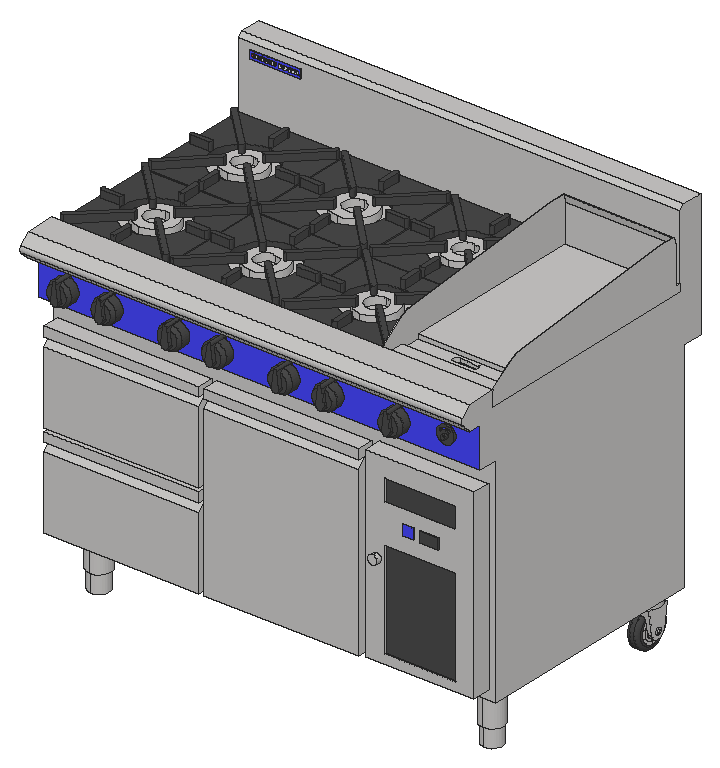
Revit family "QF_MOFFAT_BLUESEAL_CE_G518C-RB", category Specialty Equipment, Revit 2012 (continued)
Definition of nested family "WALDORF LOGO_FACE BASE"
  Forms (mm)
    Extrusion 3, solid, material "QF_Finishes_White", visible <- "Show Logo"
      sketch origin (0, -33.217, 1.588) x (1, 0, 0) y (0, 1, 0)
        loop
          arc (113.363, 23.389) -> (112.897, 23.196) -> (112.704, 22.73) r 0.658
          line (112.704, 22.73) -> (112.704, 21.258)
        loop
          line (105.071, 25.919) -> (93.771, 25.919) -> (93.771, 17.163) -> (105.071, 17.163) -> (105.071, 19.063) -> (99.535, 19.063) -> (99.535, 20.437) -> (105.071, 20.437) -> (105.071, 22.278) -> (99.535, 22.278) -> (99.535, 23.587) -> (105.071, 23.587) -> (105.071, 25.919)
        loop
          line (91.104, 25.919) -> (79.541, 25.919)
          arc (79.541, 25.919) -> (78.558, 25.513) -> (78.152, 24.53) r 1.389
          line (78.152, 24.53) -> (78.152, 22.08)
          arc (78.152, 22.08) -> (78.558, 21.098) -> (79.541, 20.691) r 1.389
          line (79.541, 20.691) -> (86.346, 20.691) -> (86.346, 18.864) -> (83.266, 18.864) -> (83.266, 19.664) -> (78.152, 19.664) -> (78.152, 18.553)
          arc (78.152, 18.553) -> (78.558, 17.57) -> (79.541, 17.163) r 1.389
          line (79.541, 17.163) -> (91.063, 17.163)
          arc (91.063, 17.163) -> (92.045, 17.57) -> (92.452, 18.553) r 1.389
          line (92.452, 18.553) -> (92.452, 20.691)
          arc (92.452, 20.691) -> (92.045, 21.673) -> (91.063, 22.08) r 1.389
          line (91.063, 22.08) -> (83.266, 22.08) -> (83.266, 23.984) -> (86.346, 23.984) -> (86.346, 22.743) -> (92.452, 22.743) -> (92.452, 24.571)
          arc (92.452, 24.571) -> (92.057, 25.524) -> (91.104, 25.919) r 1.348
        loop
          line (70.705, 25.919) -> (59.405, 25.919) -> (59.405, 17.163) -> (70.705, 17.163) -> (70.705, 19.063) -> (65.169, 19.063) -> (65.169, 20.437) -> (70.705, 20.437) -> (70.705, 22.278) -> (65.169, 22.278) -> (65.169, 23.587) -> (70.705, 23.587) -> (70.705, 25.919)
        loop
          line (57.598, 25.919) -> (51.7, 25.919) -> (51.7, 20.18)
          arc (51.7, 20.18) -> (50.63, 19.11) -> (49.56, 20.18) r 1.07
          line (49.56, 20.18) -> (49.56, 25.919) -> (43.663, 25.919) -> (43.663, 19.049)
          arc (43.663, 19.049) -> (44.215, 17.716) -> (45.548, 17.163) r 1.885
          line (45.548, 17.163) -> (55.71, 17.163)
          arc (55.71, 17.163) -> (57.045, 17.716) -> (57.598, 19.051) r 1.887
          line (57.598, 19.051) -> (57.598, 25.919)
        loop
          line (31.62, 25.919) -> (31.62, 17.163) -> (43.046, 17.163) -> (43.046, 19.129) -> (37.388, 19.129) -> (37.388, 25.919) -> (31.62, 25.919)
        loop
          line (15.969, 25.919) -> (15.969, 17.163) -> (28.693, 17.163)
          arc (28.693, 17.163) -> (29.812, 17.627) -> (30.276, 18.746) r 1.582
          line (30.276, 18.746) -> (30.276, 20.447) -> (29.48, 21.243) -> (30.276, 22.039) -> (30.276, 24.332)
          arc (30.276, 24.332) -> (29.811, 25.454) -> (28.688, 25.919) r 1.587
          line (28.688, 25.919) -> (15.969, 25.919)
        loop
          line (21.449, 24.159) -> (21.449, 22.436) -> (23.862, 22.436)
          arc (23.862, 22.436) -> (24.723, 23.298) -> (23.862, 24.159) r 0.861
          line (23.862, 24.159) -> (21.449, 24.159)
        loop
          line (21.449, 20.244) -> (21.449, 18.522) -> (23.862, 18.522)
          arc (23.862, 18.522) -> (24.723, 19.383) -> (23.862, 20.244) r 0.861
          line (23.862, 20.244) -> (21.449, 20.244)
      from 0 to 0.2
    Extrusion 4, solid, material "QF_Finishes_Blue", visible <- "Show Logo"
      sketch origin (-126.498, -31.09, 1.588) x (1, 0, 0) y (0, 1, 0)
        loop
          line (136.738, 23.522) -> (136.738, 15.1)
          arc (136.738, 15.1) -> (140.756, 19.311) -> (136.738, 23.522) r 4.216
      from 0 to 0.2
    Extrusion 5, solid, material "QF_Finishes_Red", visible <- "Show Logo"
      sketch origin (146.849, -31.09, 1.588) x (-1, 0, 0) y (0, -1, 0)
        loop
          arc (136.738, -23.522) -> (140.756, -19.311) -> (136.738, -15.1) r 4.216
          line (136.738, -15.1) -> (136.738, -23.522)
      from 0 to 0.2
  Lines and regions (mm)
    Split face 1
      outline origin (-90.35, -30.793, 1.588) x (1, 0, 0) y (0, 1, 0)
        loop
          circle (100.54, 19.013) r 4.536
  Dimensions and locks
    aligned and locked: plane 2 to Extrusion 1
    aligned and locked: level to Extrusion 1
Definition of nested family "GAS BURNER 900 & GRIDDLE 300"
  Parameters (values of type "GAS BURNER 900 & GRIDDLE 300")
    Width [instance] = 1200.0 mm
    Weight in Pounds = 0
    URL Cutsheet = ""
    Type Mark [instance] = ""
    Status [instance] = ""
    Specification by User [instance] = ""
    Specification by Manufacturer = ""
    Serial Number = ""
    Seismic Rating = ""
    SMACNA No = ""
    Revision Code [instance] = ""
    Omniclass Number and Title = ""
    NAFEM Spec ID Number = ""
    Masterspec = ""
    Item Number [instance] = ""
    Installed By [instance] = ""
    Identify Quantity as Lot [instance] = yes
    Furnished By [instance] = ""
    Foodservice Equipment Identifier [instance] = yes
    Depth [instance] = 635.0 mm
    CSI MasterFormat = ""
    CSI Master Format = ""
  Reference planes
    plane 1 "BACK": y = 0
    plane 2: z = 0
    plane 3 "LEFT": x = 0
    plane 4 "RIGHT": x = 1200
    plane 5 "FRONT": y = -635
    plane 6 "TOP": z = 142.5
    plane 7 "Center Y": x = 600
    plane 8 "Center X": y = -317.5
  Dimensions and locks
    equal spacing: plane 3 "LEFT", plane 7 "Center Y", plane 4 "RIGHT"
    "Width": plane 3 "LEFT" to plane 4 "RIGHT"
    equal spacing: plane 5 "FRONT", plane 8 "Center X", plane 1 "BACK"
    "Depth": plane 5 "FRONT" to plane 1 "BACK"
    aligned and locked: level to plane 2
  Nested families
    nested 1: "GAS BURNER 900" at (-1, 0, 0), type "GAS BURNER 900"
      with Width 900.0 mm, Type Mark "", Status "", Specification by User "", Revision Code "", Item Number "", Installed By "", Identify Quantity as Lot yes, Furnished By "", Foodservice Equipment Identifier yes, Depth 635.0 mm
    nested 2: "GAS GRIDDLE PLATE 600" at (900, -15, 0), type "GAS GRIDDLE PLATE 600"
      with Width 300.0 mm, Type Mark "", Status "", Specification by User "", Revision Code "", Item Number "", Installed By "", Identify Quantity as Lot yes, Furnished By "", Foodservice Equipment Identifier yes, Depth 620.0 mm
  Definition of nested family "GAS BURNER 900"
    Parameters (values of type "GAS BURNER 900")
      Width [instance] = 900.0 mm
      Weight in Pounds = 0
      URL Cutsheet = ""
      Type Mark [instance] = ""
      Status [instance] = ""
      Specification by User [instance] = ""
      Specification by Manufacturer = ""
      Serial Number = ""
      Seismic Rating = ""
      SMACNA No = ""
      Revision Code [instance] = ""
      Omniclass Number and Title = ""
      NAFEM Spec ID Number = ""
      Masterspec = ""
      Item Number [instance] = ""
      Installed By [instance] = ""
      Identify Quantity as Lot [instance] = yes
      Furnished By [instance] = ""
      Foodservice Equipment Identifier [instance] = yes
      Depth [instance] = 635.0 mm
      CSI MasterFormat = ""
      CSI Master Format = ""
    Reference planes
      plane 1 "BACK": y = 0
      plane 2: z = 0
      plane 3 "LEFT": x = 0
      plane 4 "RIGHT": x = 900
      plane 5 "FRONT": y = -635
      plane 6 "TOP": z = 142.5
      plane 7 "Center Y": x = 450
      plane 8 "Center X": y = -317.5
    Forms (mm)
      Extrusion 1, solid, material "QF_Finishes_Black"
        sketch origin (0, 0, 0) x (0, -1, 0) y (1, 0, 0)
          loop
            line (318.5, 4) -> (318.5, 296)
            arc (318.5, 296) -> (317.621, 298.121) -> (315.5, 299) r 3
            line (315.5, 299) -> (3, 299)
            arc (3, 299) -> (0.879, 298.121) -> (0, 296) r 3
            line (0, 296) -> (0, 4)
            arc (0, 4) -> (0.879, 1.879) -> (3, 1) r 3
            line (3, 1) -> (315.5, 1)
            arc (315.5, 1) -> (317.621, 1.879) -> (318.5, 4) r 3
          loop
            line (324.5, 1) -> (632, 1)
            arc (632, 1) -> (634.121, 1.879) -> (635, 4) r 3
            line (635, 4) -> (635, 296)
            arc (635, 296) -> (634.121, 298.121) -> (632, 299) r 3
            line (632, 299) -> (324.5, 299)
            arc (324.5, 299) -> (322.379, 298.121) -> (321.5, 296) r 3
            line (321.5, 296) -> (321.5, 4)
            arc (321.5, 4) -> (322.379, 1.879) -> (324.5, 1) r 3
          loop
            circle (168.5, 149.991) r 84.082
          loop
            circle (468.5, 149.991) r 84.082
        from 0 to 19.5
      Extrusion 2, solid, material "QF_Finishes_Black"
        sketch origin (0, 0, 19.5) x (0, -1, 0) y (1, 0, 0)
          loop
            spline (326.102, 15.153) -> (325.181, 13.924) -> (324.631, 12.47) -> (324.49, 10.89) -> (324.767, 9.292) -> (325.443, 7.786) -> (326.473, 6.473) -> (327.786, 5.443) -> (329.292, 4.767) -> (330.89, 4.49) -> (332.47, 4.631) -> (333.924, 5.181) -> (335.153, 6.102)
            line (335.153, 6.102) -> (443.076, 114.025)
            spline (443.076, 114.025) -> (443.837, 115.095) -> (444.238, 116.399) -> (444.251, 117.851) -> (443.875, 119.35) -> (443.137, 120.795) -> (442.086, 122.086) -> (440.795, 123.137) -> (439.35, 123.875) -> (437.851, 124.251) -> (436.399, 124.238) -> (435.095, 123.837) -> (434.025, 123.076)
            line (434.025, 123.076) -> (326.102, 15.153)
          loop
            spline (328.898, 156.4) -> (327.604, 156.182) -> (326.398, 155.543) -> (325.362, 154.525) -> (324.568, 153.2) -> (324.068, 151.656) -> (323.898, 150) -> (324.068, 148.344) -> (324.568, 146.8) -> (325.362, 145.475) -> (326.398, 144.457) -> (327.604, 143.818) -> (328.898, 143.6)
            line (328.898, 143.6) -> (378.102, 143.6)
            spline (378.102, 143.6) -> (379.396, 143.818) -> (380.602, 144.457) -> (381.638, 145.475) -> (382.432, 146.8) -> (382.932, 148.344) -> (383.102, 150) -> (382.932, 151.656) -> (382.432, 153.2) -> (381.638, 154.525) -> (380.602, 155.543) -> (379.396, 156.182) -> (378.102, 156.4)
            line (378.102, 156.4) -> (328.898, 156.4)
          loop
            spline (335.153, 293.898) -> (334.084, 294.659) -> (332.779, 295.059) -> (331.328, 295.072) -> (329.829, 294.697) -> (328.384, 293.959) -> (327.092, 292.908) -> (326.041, 291.616) -> (325.303, 290.171) -> (324.928, 288.672) -> (324.941, 287.221) -> (325.341, 285.916) -> (326.102, 284.847)
            line (326.102, 284.847) -> (434.025, 176.924)
            spline (434.025, 176.924) -> (435.095, 176.163) -> (436.399, 175.762) -> (437.851, 175.749) -> (439.35, 176.125) -> (440.795, 176.863) -> (442.086, 177.914) -> (443.137, 179.205) -> (443.875, 180.65) -> (444.251, 182.149) -> (444.238, 183.601) -> (443.837, 184.905) -> (443.076, 185.975)
            line (443.076, 185.975) -> (335.153, 293.898)
          loop
            line (463.6, 291.102) -> (463.6, 241.898)
            spline (463.6, 241.898) -> (463.818, 240.604) -> (464.457, 239.398) -> (465.475, 238.362) -> (466.8, 237.568) -> (468.344, 237.068) -> (470, 236.898) -> (471.656, 237.068) -> (473.2, 237.568) -> (474.525, 238.362) -> (475.543, 239.398) -> (476.182, 240.604) -> (476.4, 241.898)
            line (476.4, 241.898) -> (476.4, 291.102)
            spline (476.4, 291.102) -> (476.182, 292.396) -> (475.543, 293.602) -> (474.525, 294.638) -> (473.2, 295.432) -> (471.656, 295.932) -> (470, 296.102) -> (468.344, 295.932) -> (466.8, 295.432) -> (465.475, 294.638) -> (464.457, 293.602) -> (463.818, 292.396) -> (463.6, 291.102)
          loop
            spline (612.398, 284.847) -> (613.159, 285.916) -> (613.559, 287.221) -> (613.572, 288.672) -> (613.197, 290.171) -> (612.459, 291.616) -> (611.408, 292.908) -> (610.116, 293.959) -> (608.671, 294.697) -> (607.172, 295.072) -> (605.721, 295.059) -> (604.416, 294.659) -> (603.347, 293.898)
            line (603.347, 293.898) -> (496.924, 185.975)
            spline (496.924, 185.975) -> (496.163, 184.905) -> (495.762, 183.601) -> (495.749, 182.149) -> (496.125, 180.65) -> (496.863, 179.205) -> (497.914, 177.914) -> (499.205, 176.863) -> (500.65, 176.125) -> (502.149, 175.749) -> (503.601, 175.762) -> (504.905, 176.163) -> (505.975, 176.924)
            line (505.975, 176.924) -> (612.398, 284.847)
          loop
            spline (609.602, 143.6) -> (610.896, 143.818) -> (612.102, 144.457) -> (613.138, 145.475) -> (613.932, 146.8) -> (614.432, 148.344) -> (614.602, 150) -> (614.432, 151.656) -> (613.932, 153.2) -> (613.138, 154.525) -> (612.102, 155.543) -> (610.896, 156.182) -> (609.602, 156.4)
            line (609.602, 156.4) -> (561.898, 156.4)
            spline (561.898, 156.4) -> (560.604, 156.182) -> (559.398, 155.543) -> (558.362, 154.525) -> (557.568, 153.2) -> (557.068, 151.656) -> (556.898, 150) -> (557.068, 148.344) -> (557.568, 146.8) -> (558.362, 145.475) -> (559.398, 144.457) -> (560.604, 143.818) -> (561.898, 143.6)
            line (561.898, 143.6) -> (609.602, 143.6)
          loop
            line (612.398, 15.153) -> (505.975, 123.076)
            spline (505.975, 123.076) -> (504.905, 123.837) -> (503.601, 124.238) -> (502.149, 124.251) -> (500.65, 123.875) -> (499.205, 123.137) -> (497.914, 122.086) -> (496.863, 120.795) -> (496.125, 119.35) -> (495.749, 117.851) -> (495.762, 116.399) -> (496.163, 115.095) -> (496.924, 114.025)
            line (496.924, 114.025) -> (603.347, 6.102)
            spline (603.347, 6.102) -> (604.416, 5.341) -> (605.721, 4.941) -> (607.172, 4.928) -> (608.671, 5.303) -> (610.116, 6.041) -> (611.408, 7.092) -> (612.459, 8.384) -> (613.197, 9.829) -> (613.572, 11.328) -> (613.559, 12.779) -> (613.159, 14.084) -> (612.398, 15.153)
          loop
            line (476.4, 8.898) -> (476.4, 58.102)
            spline (476.4, 58.102) -> (476.182, 59.396) -> (475.543, 60.602) -> (474.525, 61.638) -> (473.2, 62.432) -> (471.656, 62.932) -> (470, 63.102) -> (468.344, 62.932) -> (466.8, 62.432) -> (465.475, 61.638) -> (464.457, 60.602) -> (463.818, 59.396) -> (463.6, 58.102)
            line (463.6, 58.102) -> (463.6, 8.898)
            spline (463.6, 8.898) -> (463.818, 7.604) -> (464.457, 6.398) -> (465.475, 5.362) -> (466.8, 4.568) -> (468.344, 4.068) -> (470, 3.898) -> (471.656, 4.068) -> (473.2, 4.568) -> (474.525, 5.362) -> (475.543, 6.398) -> (476.182, 7.604) -> (476.4, 8.898)
          loop
            spline (22.602, 15.153) -> (21.681, 13.924) -> (21.131, 12.47) -> (20.99, 10.89) -> (21.267, 9.292) -> (21.943, 7.786) -> (22.973, 6.473) -> (24.286, 5.443) -> (25.792, 4.767) -> (27.39, 4.49) -> (28.97, 4.631) -> (30.424, 5.181) -> (31.653, 6.102)
            line (31.653, 6.102) -> (139.576, 114.025)
            spline (139.576, 114.025) -> (140.337, 115.095) -> (140.738, 116.399) -> (140.751, 117.851) -> (140.375, 119.35) -> (139.637, 120.795) -> (138.586, 122.086) -> (137.295, 123.137) -> (135.85, 123.875) -> (134.351, 124.251) -> (132.899, 124.238) -> (131.595, 123.837) -> (130.525, 123.076)
            line (130.525, 123.076) -> (22.602, 15.153)
          loop
            spline (25.398, 156.4) -> (24.104, 156.182) -> (22.898, 155.543) -> (21.862, 154.525) -> (21.068, 153.2) -> (20.568, 151.656) -> (20.398, 150) -> (20.568, 148.344) -> (21.068, 146.8) -> (21.862, 145.475) -> (22.898, 144.457) -> (24.104, 143.818) -> (25.398, 143.6)
            line (25.398, 143.6) -> (74.602, 143.6)
            spline (74.602, 143.6) -> (75.896, 143.818) -> (77.102, 144.457) -> (78.138, 145.475) -> (78.932, 146.8) -> (79.432, 148.344) -> (79.602, 150) -> (79.432, 151.656) -> (78.932, 153.2) -> (78.138, 154.525) -> (77.102, 155.543) -> (75.896, 156.182) -> (74.602, 156.4)
            line (74.602, 156.4) -> (25.398, 156.4)
          loop
            spline (31.653, 293.898) -> (30.584, 294.659) -> (29.279, 295.059) -> (27.828, 295.072) -> (26.329, 294.697) -> (24.884, 293.959) -> (23.592, 292.908) -> (22.541, 291.616) -> (21.803, 290.171) -> (21.428, 288.672) -> (21.441, 287.221) -> (21.841, 285.916) -> (22.602, 284.847)
            line (22.602, 284.847) -> (130.525, 176.924)
            spline (130.525, 176.924) -> (131.595, 176.163) -> (132.899, 175.762) -> (134.351, 175.749) -> (135.85, 176.125) -> (137.295, 176.863) -> (138.586, 177.914) -> (139.637, 179.205) -> (140.375, 180.65) -> (140.751, 182.149) -> (140.738, 183.601) -> (140.337, 184.905) -> (139.576, 185.975)
            line (139.576, 185.975) -> (31.653, 293.898)
          loop
            line (160.1, 291.102) -> (160.1, 241.898)
            spline (160.1, 241.898) -> (160.318, 240.604) -> (160.957, 239.398) -> (161.975, 238.362) -> (163.3, 237.568) -> (164.844, 237.068) -> (166.5, 236.898) -> (168.156, 237.068) -> (169.7, 237.568) -> (171.025, 238.362) -> (172.043, 239.398) -> (172.682, 240.604) -> (172.9, 241.898)
            line (172.9, 241.898) -> (172.9, 291.102)
            spline (172.9, 291.102) -> (172.682, 292.396) -> (172.043, 293.602) -> (171.025, 294.638) -> (169.7, 295.432) -> (168.156, 295.932) -> (166.5, 296.102) -> (164.844, 295.932) -> (163.3, 295.432) -> (161.975, 294.638) -> (160.957, 293.602) -> (160.318, 292.396) -> (160.1, 291.102)
          loop
            spline (313.898, 284.847) -> (314.659, 285.916) -> (315.059, 287.221) -> (315.072, 288.672) -> (314.697, 290.171) -> (313.959, 291.616) -> (312.908, 292.908) -> (311.616, 293.959) -> (310.171, 294.697) -> (308.672, 295.072) -> (307.221, 295.059) -> (305.916, 294.659) -> (304.847, 293.898)
            line (304.847, 293.898) -> (193.424, 185.975)
            spline (193.424, 185.975) -> (192.663, 184.905) -> (192.262, 183.601) -> (192.249, 182.149) -> (192.625, 180.65) -> (193.363, 179.205) -> (194.414, 177.914) -> (195.705, 176.863) -> (197.15, 176.125) -> (198.649, 175.749) -> (200.101, 175.762) -> (201.405, 176.163) -> (202.475, 176.924)
            line (202.475, 176.924) -> (313.898, 284.847)
          loop
            spline (311.102, 143.6) -> (312.396, 143.818) -> (313.602, 144.457) -> (314.638, 145.475) -> (315.432, 146.8) -> (315.932, 148.344) -> (316.102, 150) -> (315.932, 151.656) -> (315.432, 153.2) -> (314.638, 154.525) -> (313.602, 155.543) -> (312.396, 156.182) -> (311.102, 156.4)
            line (311.102, 156.4) -> (261.898, 156.4)
            spline (261.898, 156.4) -> (260.604, 156.182) -> (259.398, 155.543) -> (258.362, 154.525) -> (257.568, 153.2) -> (257.068, 151.656) -> (256.898, 150) -> (257.068, 148.344) -> (257.568, 146.8) -> (258.362, 145.475) -> (259.398, 144.457) -> (260.604, 143.818) -> (261.898, 143.6)
            line (261.898, 143.6) -> (311.102, 143.6)
          loop
            line (313.898, 15.153) -> (202.475, 123.076)
            spline (202.475, 123.076) -> (201.405, 123.837) -> (200.101, 124.238) -> (198.649, 124.251) -> (197.15, 123.875) -> (195.705, 123.137) -> (194.414, 122.086) -> (193.363, 120.795) -> (192.625, 119.35) -> (192.249, 117.851) -> (192.262, 116.399) -> (192.663, 115.095) -> (193.424, 114.025)
            line (193.424, 114.025) -> (304.847, 6.102)
            spline (304.847, 6.102) -> (305.916, 5.341) -> (307.221, 4.941) -> (308.672, 4.928) -> (310.171, 5.303) -> (311.616, 6.041) -> (312.908, 7.092) -> (313.959, 8.384) -> (314.697, 9.829) -> (315.072, 11.328) -> (315.059, 12.779) -> (314.659, 14.084) -> (313.898, 15.153)
          loop
            line (172.9, 8.898) -> (172.9, 58.102)
            spline (172.9, 58.102) -> (172.682, 59.396) -> (172.043, 60.602) -> (171.025, 61.638) -> (169.7, 62.432) -> (168.156, 62.932) -> (166.5, 63.102) -> (164.844, 62.932) -> (163.3, 62.432) -> (161.975, 61.638) -> (160.957, 60.602) -> (160.318, 59.396) -> (160.1, 58.102)
            line (160.1, 58.102) -> (160.1, 8.898)
            spline (160.1, 8.898) -> (160.318, 7.604) -> (160.957, 6.398) -> (161.975, 5.362) -> (163.3, 4.568) -> (164.844, 4.068) -> (166.5, 3.898) -> (168.156, 4.068) -> (169.7, 4.568) -> (171.025, 5.362) -> (172.043, 6.398) -> (172.682, 7.604) -> (172.9, 8.898)
        from 0 to 20.5
      Extrusion 3, solid, material "QF_Finishes_Stainless Steel"
        sketch origin (0, -15.098, 0) x (0, -1, 0) y (1, 0, 0)
          loop
            circle (151.402, 150) r 57
          loop
            circle (451.402, 150) r 57
          loop
            circle (151.402, 150) r 30
          loop
            circle (451.402, 150) r 30
        from 0 to 20
      Extrusion 4, solid, material "QF_Finishes_Black"
        sketch origin (600, 0, 0) x (0, -1, 0) y (1, 0, 0)
          loop
            arc (318.5, -4) -> (317.621, -1.879) -> (315.5, -1) r 3
            line (315.5, -1) -> (3, -1)
            arc (3, -1) -> (0.879, -1.879) -> (0, -4) r 3
            line (0, -4) -> (0, -296)
            arc (0, -296) -> (0.879, -298.121) -> (3, -299) r 3
            line (3, -299) -> (315.5, -299)
            arc (315.5, -299) -> (317.621, -298.121) -> (318.5, -296) r 3
            line (318.5, -296) -> (318.5, -4)
          loop
            arc (324.5, -1) -> (322.379, -1.879) -> (321.5, -4) r 3
            line (321.5, -4) -> (321.5, -296)
            arc (321.5, -296) -> (322.379, -298.121) -> (324.5, -299) r 3
            line (324.5, -299) -> (632, -299)
            arc (632, -299) -> (634.121, -298.121) -> (635, -296) r 3
            line (635, -296) -> (635, -4)
            arc (635, -4) -> (634.121, -1.879) -> (632, -1) r 3
            line (632, -1) -> (324.5, -1)
          loop
            circle (168.5, -149.991) r 84.082
          loop
            circle (468.5, -149.991) r 84.082
        from 0 to 19.5
      Extrusion 5, solid, material "QF_Finishes_Black"
        sketch origin (600, 0, 19.5) x (0, -1, 0) y (1, 0, 0)
          loop
            line (326.102, -15.153) -> (434.025, -123.076)
            spline (434.025, -123.076) -> (435.095, -123.837) -> (436.399, -124.238) -> (437.851, -124.251) -> (439.35, -123.875) -> (440.795, -123.137) -> (442.086, -122.086) -> (443.137, -120.795) -> (443.875, -119.35) -> (444.251, -117.851) -> (444.238, -116.399) -> (443.837, -115.095) -> (443.076, -114.025)
            line (443.076, -114.025) -> (335.153, -6.102)
            spline (335.153, -6.102) -> (333.924, -5.181) -> (332.47, -4.631) -> (330.89, -4.49) -> (329.292, -4.767) -> (327.786, -5.443) -> (326.473, -6.473) -> (325.443, -7.786) -> (324.767, -9.292) -> (324.49, -10.89) -> (324.631, -12.47) -> (325.181, -13.924) -> (326.102, -15.153)
          loop
            line (328.898, -156.4) -> (378.102, -156.4)
            spline (378.102, -156.4) -> (379.396, -156.182) -> (380.602, -155.543) -> (381.638, -154.525) -> (382.432, -153.2) -> (382.932, -151.656) -> (383.102, -150) -> (382.932, -148.344) -> (382.432, -146.8) -> (381.638, -145.475) -> (380.602, -144.457) -> (379.396, -143.818) -> (378.102, -143.6)
            line (378.102, -143.6) -> (328.898, -143.6)
            spline (328.898, -143.6) -> (327.604, -143.818) -> (326.398, -144.457) -> (325.362, -145.475) -> (324.568, -146.8) -> (324.068, -148.344) -> (323.898, -150) -> (324.068, -151.656) -> (324.568, -153.2) -> (325.362, -154.525) -> (326.398, -155.543) -> (327.604, -156.182) -> (328.898, -156.4)
          loop
            line (335.153, -293.898) -> (443.076, -185.975)
            spline (443.076, -185.975) -> (443.837, -184.905) -> (444.238, -183.601) -> (444.251, -182.149) -> (443.875, -180.65) -> (443.137, -179.205) -> (442.086, -177.914) -> (440.795, -176.863) -> (439.35, -176.125) -> (437.851, -175.749) -> (436.399, -175.762) -> (435.095, -176.163) -> (434.025, -176.924)
            line (434.025, -176.924) -> (326.102, -284.847)
            spline (326.102, -284.847) -> (325.341, -285.916) -> (324.941, -287.221) -> (324.928, -288.672) -> (325.303, -290.171) -> (326.041, -291.616) -> (327.092, -292.908) -> (328.384, -293.959) -> (329.829, -294.697) -> (331.328, -295.072) -> (332.779, -295.059) -> (334.084, -294.659) -> (335.153, -293.898)
          loop
            spline (463.6, -291.102) -> (463.818, -292.396) -> (464.457, -293.602) -> (465.475, -294.638) -> (466.8, -295.432) -> (468.344, -295.932) -> (470, -296.102) -> (471.656, -295.932) -> (473.2, -295.432) -> (474.525, -294.638) -> (475.543, -293.602) -> (476.182, -292.396) -> (476.4, -291.102)
            line (476.4, -291.102) -> (476.4, -241.898)
            spline (476.4, -241.898) -> (476.182, -240.604) -> (475.543, -239.398) -> (474.525, -238.362) -> (473.2, -237.568) -> (471.656, -237.068) -> (470, -236.898) -> (468.344, -237.068) -> (466.8, -237.568) -> (465.475, -238.362) -> (464.457, -239.398) -> (463.818, -240.604) -> (463.6, -241.898)
            line (463.6, -241.898) -> (463.6, -291.102)
          loop
            line (612.398, -284.847) -> (505.975, -176.924)
            spline (505.975, -176.924) -> (504.905, -176.163) -> (503.601, -175.762) -> (502.149, -175.749) -> (500.65, -176.125) -> (499.205, -176.863) -> (497.914, -177.914) -> (496.863, -179.205) -> (496.125, -180.65) -> (495.749, -182.149) -> (495.762, -183.601) -> (496.163, -184.905) -> (496.924, -185.975)
            line (496.924, -185.975) -> (603.347, -293.898)
            spline (603.347, -293.898) -> (604.416, -294.659) -> (605.721, -295.059) -> (607.172, -295.072) -> (608.671, -294.697) -> (610.116, -293.959) -> (611.408, -292.908) -> (612.459, -291.616) -> (613.197, -290.171) -> (613.572, -288.672) -> (613.559, -287.221) -> (613.159, -285.916) -> (612.398, -284.847)
          loop
            line (609.602, -143.6) -> (561.898, -143.6)
            spline (561.898, -143.6) -> (560.604, -143.818) -> (559.398, -144.457) -> (558.362, -145.475) -> (557.568, -146.8) -> (557.068, -148.344) -> (556.898, -150) -> (557.068, -151.656) -> (557.568, -153.2) -> (558.362, -154.525) -> (559.398, -155.543) -> (560.604, -156.182) -> (561.898, -156.4)
            line (561.898, -156.4) -> (609.602, -156.4)
            spline (609.602, -156.4) -> (610.896, -156.182) -> (612.102, -155.543) -> (613.138, -154.525) -> (613.932, -153.2) -> (614.432, -151.656) -> (614.602, -150) -> (614.432, -148.344) -> (613.932, -146.8) -> (613.138, -145.475) -> (612.102, -144.457) -> (610.896, -143.818) -> (609.602, -143.6)
          loop
            spline (612.398, -15.153) -> (613.159, -14.084) -> (613.559, -12.779) -> (613.572, -11.328) -> (613.197, -9.829) -> (612.459, -8.384) -> (611.408, -7.092) -> (610.116, -6.041) -> (608.671, -5.303) -> (607.172, -4.928) -> (605.721, -4.941) -> (604.416, -5.341) -> (603.347, -6.102)
            line (603.347, -6.102) -> (496.924, -114.025)
            spline (496.924, -114.025) -> (496.163, -115.095) -> (495.762, -116.399) -> (495.749, -117.851) -> (496.125, -119.35) -> (496.863, -120.795) -> (497.914, -122.086) -> (499.205, -123.137) -> (500.65, -123.875) -> (502.149, -124.251) -> (503.601, -124.238) -> (504.905, -123.837) -> (505.975, -123.076)
            line (505.975, -123.076) -> (612.398, -15.153)
          loop
            spline (476.4, -8.898) -> (476.182, -7.604) -> (475.543, -6.398) -> (474.525, -5.362) -> (473.2, -4.568) -> (471.656, -4.068) -> (470, -3.898) -> (468.344, -4.068) -> (466.8, -4.568) -> (465.475, -5.362) -> (464.457, -6.398) -> (463.818, -7.604) -> (463.6, -8.898)
            line (463.6, -8.898) -> (463.6, -58.102)
            spline (463.6, -58.102) -> (463.818, -59.396) -> (464.457, -60.602) -> (465.475, -61.638) -> (466.8, -62.432) -> (468.344, -62.932) -> (470, -63.102) -> (471.656, -62.932) -> (473.2, -62.432) -> (474.525, -61.638) -> (475.543, -60.602) -> (476.182, -59.396) -> (476.4, -58.102)
            line (476.4, -58.102) -> (476.4, -8.898)
          loop
            line (22.602, -15.153) -> (130.525, -123.076)
            spline (130.525, -123.076) -> (131.595, -123.837) -> (132.899, -124.238) -> (134.351, -124.251) -> (135.85, -123.875) -> (137.295, -123.137) -> (138.586, -122.086) -> (139.637, -120.795) -> (140.375, -119.35) -> (140.751, -117.851) -> (140.738, -116.399) -> (140.337, -115.095) -> (139.576, -114.025)
            line (139.576, -114.025) -> (31.653, -6.102)
            spline (31.653, -6.102) -> (30.424, -5.181) -> (28.97, -4.631) -> (27.39, -4.49) -> (25.792, -4.767) -> (24.286, -5.443) -> (22.973, -6.473) -> (21.943, -7.786) -> (21.267, -9.292) -> (20.99, -10.89) -> (21.131, -12.47) -> (21.681, -13.924) -> (22.602, -15.153)
          loop
            line (25.398, -156.4) -> (74.602, -156.4)
            spline (74.602, -156.4) -> (75.896, -156.182) -> (77.102, -155.543) -> (78.138, -154.525) -> (78.932, -153.2) -> (79.432, -151.656) -> (79.602, -150) -> (79.432, -148.344) -> (78.932, -146.8) -> (78.138, -145.475) -> (77.102, -144.457) -> (75.896, -143.818) -> (74.602, -143.6)
            line (74.602, -143.6) -> (25.398, -143.6)
            spline (25.398, -143.6) -> (24.104, -143.818) -> (22.898, -144.457) -> (21.862, -145.475) -> (21.068, -146.8) -> (20.568, -148.344) -> (20.398, -150) -> (20.568, -151.656) -> (21.068, -153.2) -> (21.862, -154.525) -> (22.898, -155.543) -> (24.104, -156.182) -> (25.398, -156.4)
          loop
            line (31.653, -293.898) -> (139.576, -185.975)
            spline (139.576, -185.975) -> (140.337, -184.905) -> (140.738, -183.601) -> (140.751, -182.149) -> (140.375, -180.65) -> (139.637, -179.205) -> (138.586, -177.914) -> (137.295, -176.863) -> (135.85, -176.125) -> (134.351, -175.749) -> (132.899, -175.762) -> (131.595, -176.163) -> (130.525, -176.924)
            line (130.525, -176.924) -> (22.602, -284.847)
            spline (22.602, -284.847) -> (21.841, -285.916) -> (21.441, -287.221) -> (21.428, -288.672) -> (21.803, -290.171) -> (22.541, -291.616) -> (23.592, -292.908) -> (24.884, -293.959) -> (26.329, -294.697) -> (27.828, -295.072) -> (29.279, -295.059) -> (30.584, -294.659) -> (31.653, -293.898)
          loop
            spline (160.1, -291.102) -> (160.318, -292.396) -> (160.957, -293.602) -> (161.975, -294.638) -> (163.3, -295.432) -> (164.844, -295.932) -> (166.5, -296.102) -> (168.156, -295.932) -> (169.7, -295.432) -> (171.025, -294.638) -> (172.043, -293.602) -> (172.682, -292.396) -> (172.9, -291.102)
            line (172.9, -291.102) -> (172.9, -241.898)
            spline (172.9, -241.898) -> (172.682, -240.604) -> (172.043, -239.398) -> (171.025, -238.362) -> (169.7, -237.568) -> (168.156, -237.068) -> (166.5, -236.898) -> (164.844, -237.068) -> (163.3, -237.568) -> (161.975, -238.362) -> (160.957, -239.398) -> (160.318, -240.604) -> (160.1, -241.898)
            line (160.1, -241.898) -> (160.1, -291.102)
          loop
            line (313.898, -284.847) -> (202.475, -176.924)
            spline (202.475, -176.924) -> (201.405, -176.163) -> (200.101, -175.762) -> (198.649, -175.749) -> (197.15, -176.125) -> (195.705, -176.863) -> (194.414, -177.914) -> (193.363, -179.205) -> (192.625, -180.65) -> (192.249, -182.149) -> (192.262, -183.601) -> (192.663, -184.905) -> (193.424, -185.975)
            line (193.424, -185.975) -> (304.847, -293.898)
            spline (304.847, -293.898) -> (305.916, -294.659) -> (307.221, -295.059) -> (308.672, -295.072) -> (310.171, -294.697) -> (311.616, -293.959) -> (312.908, -292.908) -> (313.959, -291.616) -> (314.697, -290.171) -> (315.072, -288.672) -> (315.059, -287.221) -> (314.659, -285.916) -> (313.898, -284.847)
          loop
            line (311.102, -143.6) -> (261.898, -143.6)
            spline (261.898, -143.6) -> (260.604, -143.818) -> (259.398, -144.457) -> (258.362, -145.475) -> (257.568, -146.8) -> (257.068, -148.344) -> (256.898, -150) -> (257.068, -151.656) -> (257.568, -153.2) -> (258.362, -154.525) -> (259.398, -155.543) -> (260.604, -156.182) -> (261.898, -156.4)
            line (261.898, -156.4) -> (311.102, -156.4)
            spline (311.102, -156.4) -> (312.396, -156.182) -> (313.602, -155.543) -> (314.638, -154.525) -> (315.432, -153.2) -> (315.932, -151.656) -> (316.102, -150) -> (315.932, -148.344) -> (315.432, -146.8) -> (314.638, -145.475) -> (313.602, -144.457) -> (312.396, -143.818) -> (311.102, -143.6)
          loop
            spline (313.898, -15.153) -> (314.659, -14.084) -> (315.059, -12.779) -> (315.072, -11.328) -> (314.697, -9.829) -> (313.959, -8.384) -> (312.908, -7.092) -> (311.616, -6.041) -> (310.171, -5.303) -> (308.672, -4.928) -> (307.221, -4.941) -> (305.916, -5.341) -> (304.847, -6.102)
            line (304.847, -6.102) -> (193.424, -114.025)
            spline (193.424, -114.025) -> (192.663, -115.095) -> (192.262, -116.399) -> (192.249, -117.851) -> (192.625, -119.35) -> (193.363, -120.795) -> (194.414, -122.086) -> (195.705, -123.137) -> (197.15, -123.875) -> (198.649, -124.251) -> (200.101, -124.238) -> (201.405, -123.837) -> (202.475, -123.076)
            line (202.475, -123.076) -> (313.898, -15.153)
          loop
            spline (172.9, -8.898) -> (172.682, -7.604) -> (172.043, -6.398) -> (171.025, -5.362) -> (169.7, -4.568) -> (168.156, -4.068) -> (166.5, -3.898) -> (164.844, -4.068) -> (163.3, -4.568) -> (161.975, -5.362) -> (160.957, -6.398) -> (160.318, -7.604) -> (160.1, -8.898)
            line (160.1, -8.898) -> (160.1, -58.102)
            spline (160.1, -58.102) -> (160.318, -59.396) -> (160.957, -60.602) -> (161.975, -61.638) -> (163.3, -62.432) -> (164.844, -62.932) -> (166.5, -63.102) -> (168.156, -62.932) -> (169.7, -62.432) -> (171.025, -61.638) -> (172.043, -60.602) -> (172.682, -59.396) -> (172.9, -58.102)
            line (172.9, -58.102) -> (172.9, -8.898)
        from 0 to 20.5
      Extrusion 6, solid, material "QF_Finishes_Stainless Steel"
        sketch origin (600, -15.098, 0) x (0, -1, 0) y (1, 0, 0)
          loop
            circle (151.402, -150) r 57
          loop
            circle (451.402, -150) r 57
          loop
            circle (151.402, -150) r 30
          loop
            circle (451.402, -150) r 30
        from 0 to 20
      Extrusion 7, solid, material "QF_Finishes_Black"
        sketch origin (901, 0, 19.5) x (0, -1, 0) y (1, 0, 0)
          loop
            line (326.102, -15.153) -> (434.025, -123.076)
            spline (434.025, -123.076) -> (435.095, -123.837) -> (436.399, -124.238) -> (437.851, -124.251) -> (439.35, -123.875) -> (440.795, -123.137) -> (442.086, -122.086) -> (443.137, -120.795) -> (443.875, -119.35) -> (444.251, -117.851) -> (444.238, -116.399) -> (443.837, -115.095) -> (443.076, -114.025)
            line (443.076, -114.025) -> (335.153, -6.102)
            spline (335.153, -6.102) -> (333.924, -5.181) -> (332.47, -4.631) -> (330.89, -4.49) -> (329.292, -4.767) -> (327.786, -5.443) -> (326.473, -6.473) -> (325.443, -7.786) -> (324.767, -9.292) -> (324.49, -10.89) -> (324.631, -12.47) -> (325.181, -13.924) -> (326.102, -15.153)
          loop
            line (328.898, -156.4) -> (378.102, -156.4)
            spline (378.102, -156.4) -> (379.396, -156.182) -> (380.602, -155.543) -> (381.638, -154.525) -> (382.432, -153.2) -> (382.932, -151.656) -> (383.102, -150) -> (382.932, -148.344) -> (382.432, -146.8) -> (381.638, -145.475) -> (380.602, -144.457) -> (379.396, -143.818) -> (378.102, -143.6)
            line (378.102, -143.6) -> (328.898, -143.6)
            spline (328.898, -143.6) -> (327.604, -143.818) -> (326.398, -144.457) -> (325.362, -145.475) -> (324.568, -146.8) -> (324.068, -148.344) -> (323.898, -150) -> (324.068, -151.656) -> (324.568, -153.2) -> (325.362, -154.525) -> (326.398, -155.543) -> (327.604, -156.182) -> (328.898, -156.4)
          loop
            line (335.153, -293.898) -> (443.076, -185.975)
            spline (443.076, -185.975) -> (443.837, -184.905) -> (444.238, -183.601) -> (444.251, -182.149) -> (443.875, -180.65) -> (443.137, -179.205) -> (442.086, -177.914) -> (440.795, -176.863) -> (439.35, -176.125) -> (437.851, -175.749) -> (436.399, -175.762) -> (435.095, -176.163) -> (434.025, -176.924)
            line (434.025, -176.924) -> (326.102, -284.847)
            spline (326.102, -284.847) -> (325.341, -285.916) -> (324.941, -287.221) -> (324.928, -288.672) -> (325.303, -290.171) -> (326.041, -291.616) -> (327.092, -292.908) -> (328.384, -293.959) -> (329.829, -294.697) -> (331.328, -295.072) -> (332.779, -295.059) -> (334.084, -294.659) -> (335.153, -293.898)
          loop
            spline (463.6, -291.102) -> (463.818, -292.396) -> (464.457, -293.602) -> (465.475, -294.638) -> (466.8, -295.432) -> (468.344, -295.932) -> (470, -296.102) -> (471.656, -295.932) -> (473.2, -295.432) -> (474.525, -294.638) -> (475.543, -293.602) -> (476.182, -292.396) -> (476.4, -291.102)
            line (476.4, -291.102) -> (476.4, -241.898)
            spline (476.4, -241.898) -> (476.182, -240.604) -> (475.543, -239.398) -> (474.525, -238.362) -> (473.2, -237.568) -> (471.656, -237.068) -> (470, -236.898) -> (468.344, -237.068) -> (466.8, -237.568) -> (465.475, -238.362) -> (464.457, -239.398) -> (463.818, -240.604) -> (463.6, -241.898)
            line (463.6, -241.898) -> (463.6, -291.102)
          loop
            line (612.398, -284.847) -> (505.975, -176.924)
            spline (505.975, -176.924) -> (504.905, -176.163) -> (503.601, -175.762) -> (502.149, -175.749) -> (500.65, -176.125) -> (499.205, -176.863) -> (497.914, -177.914) -> (496.863, -179.205) -> (496.125, -180.65) -> (495.749, -182.149) -> (495.762, -183.601) -> (496.163, -184.905) -> (496.924, -185.975)
            line (496.924, -185.975) -> (603.347, -293.898)
            spline (603.347, -293.898) -> (604.416, -294.659) -> (605.721, -295.059) -> (607.172, -295.072) -> (608.671, -294.697) -> (610.116, -293.959) -> (611.408, -292.908) -> (612.459, -291.616) -> (613.197, -290.171) -> (613.572, -288.672) -> (613.559, -287.221) -> (613.159, -285.916) -> (612.398, -284.847)
          loop
            line (609.602, -143.6) -> (561.898, -143.6)
            spline (561.898, -143.6) -> (560.604, -143.818) -> (559.398, -144.457) -> (558.362, -145.475) -> (557.568, -146.8) -> (557.068, -148.344) -> (556.898, -150) -> (557.068, -151.656) -> (557.568, -153.2) -> (558.362, -154.525) -> (559.398, -155.543) -> (560.604, -156.182) -> (561.898, -156.4)
            line (561.898, -156.4) -> (609.602, -156.4)
            spline (609.602, -156.4) -> (610.896, -156.182) -> (612.102, -155.543) -> (613.138, -154.525) -> (613.932, -153.2) -> (614.432, -151.656) -> (614.602, -150) -> (614.432, -148.344) -> (613.932, -146.8) -> (613.138, -145.475) -> (612.102, -144.457) -> (610.896, -143.818) -> (609.602, -143.6)
          loop
            spline (612.398, -15.153) -> (613.159, -14.084) -> (613.559, -12.779) -> (613.572, -11.328) -> (613.197, -9.829) -> (612.459, -8.384) -> (611.408, -7.092) -> (610.116, -6.041) -> (608.671, -5.303) -> (607.172, -4.928) -> (605.721, -4.941) -> (604.416, -5.341) -> (603.347, -6.102)
            line (603.347, -6.102) -> (496.924, -114.025)
            spline (496.924, -114.025) -> (496.163, -115.095) -> (495.762, -116.399) -> (495.749, -117.851) -> (496.125, -119.35) -> (496.863, -120.795) -> (497.914, -122.086) -> (499.205, -123.137) -> (500.65, -123.875) -> (502.149, -124.251) -> (503.601, -124.238) -> (504.905, -123.837) -> (505.975, -123.076)
            line (505.975, -123.076) -> (612.398, -15.153)
          loop
            spline (476.4, -8.898) -> (476.182, -7.604) -> (475.543, -6.398) -> (474.525, -5.362) -> (473.2, -4.568) -> (471.656, -4.068) -> (470, -3.898) -> (468.344, -4.068) -> (466.8, -4.568) -> (465.475, -5.362) -> (464.457, -6.398) -> (463.818, -7.604) -> (463.6, -8.898)
            line (463.6, -8.898) -> (463.6, -58.102)
            spline (463.6, -58.102) -> (463.818, -59.396) -> (464.457, -60.602) -> (465.475, -61.638) -> (466.8, -62.432) -> (468.344, -62.932) -> (470, -63.102) -> (471.656, -62.932) -> (473.2, -62.432) -> (474.525, -61.638) -> (475.543, -60.602) -> (476.182, -59.396) -> (476.4, -58.102)
            line (476.4, -58.102) -> (476.4, -8.898)
          loop
            line (22.602, -15.153) -> (130.525, -123.076)
            spline (130.525, -123.076) -> (131.595, -123.837) -> (132.899, -124.238) -> (134.351, -124.251) -> (135.85, -123.875) -> (137.295, -123.137) -> (138.586, -122.086) -> (139.637, -120.795) -> (140.375, -119.35) -> (140.751, -117.851) -> (140.738, -116.399) -> (140.337, -115.095) -> (139.576, -114.025)
            line (139.576, -114.025) -> (31.653, -6.102)
            spline (31.653, -6.102) -> (30.424, -5.181) -> (28.97, -4.631) -> (27.39, -4.49) -> (25.792, -4.767) -> (24.286, -5.443) -> (22.973, -6.473) -> (21.943, -7.786) -> (21.267, -9.292) -> (20.99, -10.89) -> (21.131, -12.47) -> (21.681, -13.924) -> (22.602, -15.153)
          loop
            line (25.398, -156.4) -> (74.602, -156.4)
            spline (74.602, -156.4) -> (75.896, -156.182) -> (77.102, -155.543) -> (78.138, -154.525) -> (78.932, -153.2) -> (79.432, -151.656) -> (79.602, -150) -> (79.432, -148.344) -> (78.932, -146.8) -> (78.138, -145.475) -> (77.102, -144.457) -> (75.896, -143.818) -> (74.602, -143.6)
            line (74.602, -143.6) -> (25.398, -143.6)
            spline (25.398, -143.6) -> (24.104, -143.818) -> (22.898, -144.457) -> (21.862, -145.475) -> (21.068, -146.8) -> (20.568, -148.344) -> (20.398, -150) -> (20.568, -151.656) -> (21.068, -153.2) -> (21.862, -154.525) -> (22.898, -155.543) -> (24.104, -156.182) -> (25.398, -156.4)
          loop
            line (31.653, -293.898) -> (139.576, -185.975)
            spline (139.576, -185.975) -> (140.337, -184.905) -> (140.738, -183.601) -> (140.751, -182.149) -> (140.375, -180.65) -> (139.637, -179.205) -> (138.586, -177.914) -> (137.295, -176.863) -> (135.85, -176.125) -> (134.351, -175.749) -> (132.899, -175.762) -> (131.595, -176.163) -> (130.525, -176.924)
            line (130.525, -176.924) -> (22.602, -284.847)
            spline (22.602, -284.847) -> (21.841, -285.916) -> (21.441, -287.221) -> (21.428, -288.672) -> (21.803, -290.171) -> (22.541, -291.616) -> (23.592, -292.908) -> (24.884, -293.959) -> (26.329, -294.697) -> (27.828, -295.072) -> (29.279, -295.059) -> (30.584, -294.659) -> (31.653, -293.898)
          loop
            spline (160.1, -291.102) -> (160.318, -292.396) -> (160.957, -293.602) -> (161.975, -294.638) -> (163.3, -295.432) -> (164.844, -295.932) -> (166.5, -296.102) -> (168.156, -295.932) -> (169.7, -295.432) -> (171.025, -294.638) -> (172.043, -293.602) -> (172.682, -292.396) -> (172.9, -291.102)
            line (172.9, -291.102) -> (172.9, -241.898)
            spline (172.9, -241.898) -> (172.682, -240.604) -> (172.043, -239.398) -> (171.025, -238.362) -> (169.7, -237.568) -> (168.156, -237.068) -> (166.5, -236.898) -> (164.844, -237.068) -> (163.3, -237.568) -> (161.975, -238.362) -> (160.957, -239.398) -> (160.318, -240.604) -> (160.1, -241.898)
            line (160.1, -241.898) -> (160.1, -291.102)
          loop
            line (313.898, -284.847) -> (202.475, -176.924)
            spline (202.475, -176.924) -> (201.405, -176.163) -> (200.101, -175.762) -> (198.649, -175.749) -> (197.15, -176.125) -> (195.705, -176.863) -> (194.414, -177.914) -> (193.363, -179.205) -> (192.625, -180.65) -> (192.249, -182.149) -> (192.262, -183.601) -> (192.663, -184.905) -> (193.424, -185.975)
            line (193.424, -185.975) -> (304.847, -293.898)
            spline (304.847, -293.898) -> (305.916, -294.659) -> (307.221, -295.059) -> (308.672, -295.072) -> (310.171, -294.697) -> (311.616, -293.959) -> (312.908, -292.908) -> (313.959, -291.616) -> (314.697, -290.171) -> (315.072, -288.672) -> (315.059, -287.221) -> (314.659, -285.916) -> (313.898, -284.847)
          loop
            line (311.102, -143.6) -> (261.898, -143.6)
            spline (261.898, -143.6) -> (260.604, -143.818) -> (259.398, -144.457) -> (258.362, -145.475) -> (257.568, -146.8) -> (257.068, -148.344) -> (256.898, -150) -> (257.068, -151.656) -> (257.568, -153.2) -> (258.362, -154.525) -> (259.398, -155.543) -> (260.604, -156.182) -> (261.898, -156.4)
            line (261.898, -156.4) -> (311.102, -156.4)
            spline (311.102, -156.4) -> (312.396, -156.182) -> (313.602, -155.543) -> (314.638, -154.525) -> (315.432, -153.2) -> (315.932, -151.656) -> (316.102, -150) -> (315.932, -148.344) -> (315.432, -146.8) -> (314.638, -145.475) -> (313.602, -144.457) -> (312.396, -143.818) -> (311.102, -143.6)
          loop
            spline (313.898, -15.153) -> (314.659, -14.084) -> (315.059, -12.779) -> (315.072, -11.328) -> (314.697, -9.829) -> (313.959, -8.384) -> (312.908, -7.092) -> (311.616, -6.041) -> (310.171, -5.303) -> (308.672, -4.928) -> (307.221, -4.941) -> (305.916, -5.341) -> (304.847, -6.102)
            line (304.847, -6.102) -> (193.424, -114.025)
            spline (193.424, -114.025) -> (192.663, -115.095) -> (192.262, -116.399) -> (192.249, -117.851) -> (192.625, -119.35) -> (193.363, -120.795) -> (194.414, -122.086) -> (195.705, -123.137) -> (197.15, -123.875) -> (198.649, -124.251) -> (200.101, -124.238) -> (201.405, -123.837) -> (202.475, -123.076)
            line (202.475, -123.076) -> (313.898, -15.153)
          loop
            spline (172.9, -8.898) -> (172.682, -7.604) -> (172.043, -6.398) -> (171.025, -5.362) -> (169.7, -4.568) -> (168.156, -4.068) -> (166.5, -3.898) -> (164.844, -4.068) -> (163.3, -4.568) -> (161.975, -5.362) -> (160.957, -6.398) -> (160.318, -7.604) -> (160.1, -8.898)
            line (160.1, -8.898) -> (160.1, -58.102)
            spline (160.1, -58.102) -> (160.318, -59.396) -> (160.957, -60.602) -> (161.975, -61.638) -> (163.3, -62.432) -> (164.844, -62.932) -> (166.5, -63.102) -> (168.156, -62.932) -> (169.7, -62.432) -> (171.025, -61.638) -> (172.043, -60.602) -> (172.682, -59.396) -> (172.9, -58.102)
            line (172.9, -58.102) -> (172.9, -8.898)
        from 0 to 20.5
      Extrusion 8, solid, material "QF_Finishes_Stainless Steel"
        sketch origin (901, -15.098, 0) x (0, -1, 0) y (1, 0, 0)
          loop
            circle (151.402, -150) r 57
          loop
            circle (451.402, -150) r 57
          loop
            circle (151.402, -150) r 30
          loop
            circle (451.402, -150) r 30
        from 0 to 20
      Extrusion 9, solid, material "QF_Finishes_Black"
        sketch origin (901, 0, 0) x (0, -1, 0) y (1, 0, 0)
          loop
            arc (318.5, -4) -> (317.621, -1.879) -> (315.5, -1) r 3
            line (315.5, -1) -> (3, -1)
            arc (3, -1) -> (0.879, -1.879) -> (0, -4) r 3
            line (0, -4) -> (0, -296)
            arc (0, -296) -> (0.879, -298.121) -> (3, -299) r 3
            line (3, -299) -> (315.5, -299)
            arc (315.5, -299) -> (317.621, -298.121) -> (318.5, -296) r 3
            line (318.5, -296) -> (318.5, -4)
          loop
            arc (324.5, -1) -> (322.379, -1.879) -> (321.5, -4) r 3
            line (321.5, -4) -> (321.5, -296)
            arc (321.5, -296) -> (322.379, -298.121) -> (324.5, -299) r 3
            line (324.5, -299) -> (632, -299)
            arc (632, -299) -> (634.121, -298.121) -> (635, -296) r 3
            line (635, -296) -> (635, -4)
            arc (635, -4) -> (634.121, -1.879) -> (632, -1) r 3
            line (632, -1) -> (324.5, -1)
          loop
            circle (168.5, -149.991) r 84.082
          loop
            circle (468.5, -149.991) r 84.082
        from 0 to 19.5
      Extrusion 10, solid, material "QF_Finishes_Stainless Steel"
        sketch origin (901, -15.098, 0) x (0, -1, 0) y (1, 0, 0)
          loop
            circle (151.402, -150) r 57
          loop
            circle (451.402, -150) r 57
          loop
            circle (151.402, -150) r 30
          loop
            circle (451.402, -150) r 30
        from 0 to 20
    Lines and regions (mm)
      symbolic lines
        curve 1: line (284.847, -22.602, 0) -> (176.924, -130.525, 0)
        curve 2: spline (176.924, -130.525, 0) -> (176.163, -131.595, 0) -> (175.762, -132.899, 0) -> (175.749, -134.351, 0) -> (176.125, -135.85, 0) -> (176.863, -137.295, 0) -> (177.914, -138.586, 0) -> (179.205, -139.637, 0) -> (180.65, -140.375, 0) -> (182.149, -140.751, 0) -> (183.601, -140.738, 0) -> (184.905, -140.337, 0) -> (185.975, -139.576, 0)
        curve 3: line (185.975, -139.576, 0) -> (293.898, -31.653, 0)
        curve 4: spline (293.898, -31.653, 0) -> (294.659, -30.584, 0) -> (295.059, -29.279, 0) -> (295.072, -27.828, 0) -> (294.697, -26.329, 0) -> (293.959, -24.884, 0) -> (292.908, -23.592, 0) -> (291.616, -22.541, 0) -> (290.171, -21.803, 0) -> (288.672, -21.428, 0) -> (287.221, -21.441, 0) -> (285.916, -21.841, 0) -> (284.847, -22.602, 0)
        curve 5: line (291.102, -160.1, 0) -> (241.898, -160.1, 0)
        curve 6: spline (241.898, -160.1, 0) -> (240.604, -160.318, 0) -> (239.398, -160.957, 0) -> (238.362, -161.975, 0) -> (237.568, -163.3, 0) -> (237.068, -164.844, 0) -> (236.898, -166.5, 0) -> (237.068, -168.156, 0) -> (237.568, -169.7, 0) -> (238.362, -171.025, 0) -> (239.398, -172.043, 0) -> (240.604, -172.682, 0) -> (241.898, -172.9, 0)
        curve 7: line (241.898, -172.9, 0) -> (291.102, -172.9, 0)
        curve 8: spline (291.102, -172.9, 0) -> (292.396, -172.682, 0) -> (293.602, -172.043, 0) -> (294.638, -171.025, 0) -> (295.432, -169.7, 0) -> (295.932, -168.156, 0) -> (296.102, -166.5, 0) -> (295.932, -164.844, 0) -> (295.432, -163.3, 0) -> (294.638, -161.975, 0) -> (293.602, -160.957, 0) -> (292.396, -160.318, 0) -> (291.102, -160.1, 0)
        curve 9: line (306.102, -31.653, 0) -> (414.025, -139.576, 0)
        curve 10: spline (414.025, -139.576, 0) -> (415.095, -140.337, 0) -> (416.399, -140.738, 0) -> (417.851, -140.751, 0) -> (419.35, -140.375, 0) -> (420.795, -139.637, 0) -> (422.086, -138.586, 0) -> (423.137, -137.295, 0) -> (423.875, -135.85, 0) -> (424.251, -134.351, 0) -> (424.238, -132.899, 0) -> (423.837, -131.595, 0) -> (423.076, -130.525, 0)
        curve 11: line (423.076, -130.525, 0) -> (315.153, -22.602, 0)
        curve 12: spline (315.153, -22.602, 0) -> (314.084, -21.841, 0) -> (312.779, -21.441, 0) -> (311.328, -21.428, 0) -> (309.829, -21.803, 0) -> (308.384, -22.541, 0) -> (307.092, -23.592, 0) -> (306.041, -24.884, 0) -> (305.303, -26.329, 0) -> (304.928, -27.828, 0) -> (304.941, -29.279, 0) -> (305.341, -30.584, 0) -> (306.102, -31.653, 0)
        curve 13: line (443.6, -25.398, 0) -> (443.6, -74.602, 0)
        curve 14: spline (443.6, -74.602, 0) -> (443.818, -75.896, 0) -> (444.457, -77.102, 0) -> (445.475, -78.138, 0) -> (446.8, -78.932, 0) -> (448.344, -79.432, 0) -> (450, -79.602, 0) -> (451.656, -79.432, 0) -> (453.2, -78.932, 0) -> (454.525, -78.138, 0) -> (455.543, -77.102, 0) -> (456.182, -75.896, 0) -> (456.4, -74.602, 0)
        curve 15: line (456.4, -74.602, 0) -> (456.4, -25.398, 0)
        curve 16: spline (456.4, -25.398, 0) -> (456.182, -24.104, 0) -> (455.543, -22.898, 0) -> (454.525, -21.862, 0) -> (453.2, -21.068, 0) -> (451.656, -20.568, 0) -> (450, -20.398, 0) -> (448.344, -20.568, 0) -> (446.8, -21.068, 0) -> (445.475, -21.862, 0) -> (444.457, -22.898, 0) -> (443.818, -24.104, 0) -> (443.6, -25.398, 0)
        curve 17: line (584.847, -22.602, 0) -> (476.924, -130.525, 0)
        curve 18: spline (476.924, -130.525, 0) -> (476.163, -131.595, 0) -> (475.762, -132.899, 0) -> (475.749, -134.351, 0) -> (476.125, -135.85, 0) -> (476.863, -137.295, 0) -> (477.914, -138.586, 0) -> (479.205, -139.637, 0) -> (480.65, -140.375, 0) -> (482.149, -140.751, 0) -> (483.601, -140.738, 0) -> (484.905, -140.337, 0) -> (485.975, -139.576, 0)
        curve 19: line (485.975, -139.576, 0) -> (593.898, -31.653, 0)
        curve 20: spline (593.898, -31.653, 0) -> (594.819, -30.424, 0) -> (595.369, -28.97, 0) -> (595.51, -27.39, 0) -> (595.233, -25.792, 0) -> (594.557, -24.286, 0) -> (593.527, -22.973, 0) -> (592.214, -21.943, 0) -> (590.708, -21.267, 0) -> (589.11, -20.99, 0) -> (587.53, -21.131, 0) -> (586.076, -21.681, 0) -> (584.847, -22.602, 0)
        curve 21: line (591.102, -160.1, 0) -> (541.898, -160.1, 0)
        curve 22: spline (541.898, -160.1, 0) -> (540.604, -160.318, 0) -> (539.398, -160.957, 0) -> (538.362, -161.975, 0) -> (537.568, -163.3, 0) -> (537.068, -164.844, 0) -> (536.898, -166.5, 0) -> (537.068, -168.156, 0) -> (537.568, -169.7, 0) -> (538.362, -171.025, 0) -> (539.398, -172.043, 0) -> (540.604, -172.682, 0) -> (541.898, -172.9, 0)
        curve 23: line (541.898, -172.9, 0) -> (591.102, -172.9, 0)
        curve 24: spline (591.102, -172.9, 0) -> (592.396, -172.682, 0) -> (593.602, -172.043, 0) -> (594.638, -171.025, 0) -> (595.432, -169.7, 0) -> (595.932, -168.156, 0) -> (596.102, -166.5, 0) -> (595.932, -164.844, 0) -> (595.432, -163.3, 0) -> (594.638, -161.975, 0) -> (593.602, -160.957, 0) -> (592.396, -160.318, 0) -> (591.102, -160.1, 0)
        curve 25: line (593.898, -304.847, 0) -> (485.975, -193.424, 0)
        curve 26: spline (485.975, -193.424, 0) -> (484.905, -192.663, 0) -> (483.601, -192.262, 0) -> (482.149, -192.249, 0) -> (480.65, -192.625, 0) -> (479.205, -193.363, 0) -> (477.914, -194.414, 0) -> (476.863, -195.705, 0) -> (476.125, -197.15, 0) -> (475.749, -198.649, 0) -> (475.762, -200.101, 0) -> (476.163, -201.405, 0) -> (476.924, -202.475, 0)
        curve 27: line (476.924, -202.475, 0) -> (584.847, -313.898, 0)
        curve 28: spline (584.847, -313.898, 0) -> (585.916, -314.659, 0) -> (587.221, -315.059, 0) -> (588.672, -315.072, 0) -> (590.171, -314.697, 0) -> (591.616, -313.959, 0) -> (592.908, -312.908, 0) -> (593.959, -311.616, 0) -> (594.697, -310.171, 0) -> (595.072, -308.672, 0) -> (595.059, -307.221, 0) -> (594.659, -305.916, 0) -> (593.898, -304.847, 0)
        curve 29: arc (450, -223.5, 0) -> (468.725, -220.336, 0) -> (485.372, -211.197, 0) r 57
        curve 30: arc (450, -109.5, 0) -> (431.183, -112.696, 0) -> (414.475, -121.924, 0) r 57
        curve 31: arc (450.009, -84.418, 0) -> (478.534, -89.404, 0) -> (503.676, -103.773, 0) r 84.082
        curve 32: arc (450.009, -252.582, 0) -> (420.453, -247.216, 0) -> (394.669, -231.803, 0) r 84.082
        curve 33: arc (450, -136.5, 0) -> (480, -166.5, 0) -> (450, -196.5, 0) r 30
        curve 34: arc (450, -196.5, 0) -> (420, -166.5, 0) -> (450, -136.5, 0) r 30
        curve 35: arc (150, -223.5, 0) -> (168.725, -220.336, 0) -> (185.372, -211.197, 0) r 57
        curve 36: arc (150, -109.5, 0) -> (131.183, -112.696, 0) -> (114.475, -121.924, 0) r 57
        curve 37: arc (149.991, -84.418, 0) -> (178.523, -89.406, 0) -> (203.668, -103.781, 0) r 84.082
        curve 38: arc (149.991, -252.582, 0) -> (120.441, -247.219, 0) -> (94.661, -231.812, 0) r 84.082
        curve 39: line (156.4, -74.602, 0) -> (156.4, -25.398, 0)
        curve 40: spline (156.4, -25.398, 0) -> (156.182, -24.104, 0) -> (155.543, -22.898, 0) -> (154.525, -21.862, 0) -> (153.2, -21.068, 0) -> (151.656, -20.568, 0) -> (150, -20.398, 0) -> (148.344, -20.568, 0) -> (146.8, -21.068, 0) -> (145.475, -21.862, 0) -> (144.457, -22.898, 0) -> (143.818, -24.104, 0) -> (143.6, -25.398, 0)
        curve 41: line (143.6, -25.398, 0) -> (143.6, -74.602, 0)
        curve 42: spline (143.6, -74.602, 0) -> (143.818, -75.896, 0) -> (144.457, -77.102, 0) -> (145.475, -78.138, 0) -> (146.8, -78.932, 0) -> (148.344, -79.432, 0) -> (150, -79.602, 0) -> (151.656, -79.432, 0) -> (153.2, -78.932, 0) -> (154.525, -78.138, 0) -> (155.543, -77.102, 0) -> (156.182, -75.896, 0) -> (156.4, -74.602, 0)
        curve 43: line (358.102, -160.1, 0) -> (308.898, -160.1, 0)
        curve 44: spline (308.898, -160.1, 0) -> (307.604, -160.318, 0) -> (306.398, -160.957, 0) -> (305.362, -161.975, 0) -> (304.568, -163.3, 0) -> (304.068, -164.844, 0) -> (303.898, -166.5, 0) -> (304.068, -168.156, 0) -> (304.568, -169.7, 0) -> (305.362, -171.025, 0) -> (306.398, -172.043, 0) -> (307.604, -172.682, 0) -> (308.898, -172.9, 0)
        curve 45: line (308.898, -172.9, 0) -> (358.102, -172.9, 0)
        curve 46: spline (358.102, -172.9, 0) -> (359.396, -172.682, 0) -> (360.602, -172.043, 0) -> (361.638, -171.025, 0) -> (362.432, -169.7, 0) -> (362.932, -168.156, 0) -> (363.102, -166.5, 0) -> (362.932, -164.844, 0) -> (362.432, -163.3, 0) -> (361.638, -161.975, 0) -> (360.602, -160.957, 0) -> (359.396, -160.318, 0) -> (358.102, -160.1, 0)
        curve 47: line (414.025, -193.424, 0) -> (306.102, -304.847, 0)
        curve 48: spline (306.102, -304.847, 0) -> (305.341, -305.916, 0) -> (304.941, -307.221, 0) -> (304.928, -308.672, 0) -> (305.303, -310.171, 0) -> (306.041, -311.616, 0) -> (307.092, -312.908, 0) -> (308.384, -313.959, 0) -> (309.829, -314.697, 0) -> (311.328, -315.072, 0) -> (312.779, -315.059, 0) -> (314.084, -314.659, 0) -> (315.153, -313.898, 0)
        curve 49: line (315.153, -313.898, 0) -> (423.076, -202.475, 0)
        curve 50: spline (423.076, -202.475, 0) -> (423.837, -201.405, 0) -> (424.238, -200.101, 0) -> (424.251, -198.649, 0) -> (423.875, -197.15, 0) -> (423.137, -195.705, 0) -> (422.086, -194.414, 0) -> (420.795, -193.363, 0) -> (419.35, -192.625, 0) -> (417.851, -192.249, 0) -> (416.399, -192.262, 0) -> (415.095, -192.663, 0) -> (414.025, -193.424, 0)
        curve 51: line (456.4, -311.102, 0) -> (456.4, -261.898, 0)
        curve 52: spline (456.4, -261.898, 0) -> (456.182, -260.604, 0) -> (455.543, -259.398, 0) -> (454.525, -258.362, 0) -> (453.2, -257.568, 0) -> (451.656, -257.068, 0) -> (450, -256.898, 0) -> (448.344, -257.068, 0) -> (446.8, -257.568, 0) -> (445.475, -258.362, 0) -> (444.457, -259.398, 0) -> (443.818, -260.604, 0) -> (443.6, -261.898, 0)
        curve 53: line (443.6, -261.898, 0) -> (443.6, -311.102, 0)
        curve 54: spline (443.6, -311.102, 0) -> (443.818, -312.396, 0) -> (444.457, -313.602, 0) -> (445.475, -314.638, 0) -> (446.8, -315.432, 0) -> (448.344, -315.932, 0) -> (450, -316.102, 0) -> (451.656, -315.932, 0) -> (453.2, -315.432, 0) -> (454.525, -314.638, 0) -> (455.543, -313.602, 0) -> (456.182, -312.396, 0) -> (456.4, -311.102, 0)
        curve 55: line (596, 0, 0) -> (304, 0, 0)
        curve 56: arc (304, 0, 0) -> (301.879, -0.879, 0) -> (301, -3, 0) r 3
        curve 57: line (301, -3, 0) -> (301, -315.5, 0)
        curve 58: arc (301, -315.5, 0) -> (301.879, -317.621, 0) -> (304, -318.5, 0) r 3
        curve 59: line (304, -318.5, 0) -> (596, -318.5, 0)
        curve 60: arc (596, -318.5, 0) -> (598.121, -317.621, 0) -> (599, -315.5, 0) r 3
        curve 61: line (599, -315.5, 0) -> (599, -3, 0)
        curve 62: arc (599, -3, 0) -> (598.121, -0.879, 0) -> (596, 0, 0) r 3
        curve 63: line (296, 0, 0) -> (4, 0, 0)
        curve 64: arc (4, 0, 0) -> (1.879, -0.879, 0) -> (1, -3, 0) r 3
        curve 65: line (1, -3, 0) -> (1, -315.5, 0)
        curve 66: arc (1, -315.5, 0) -> (1.879, -317.621, 0) -> (4, -318.5, 0) r 3
        curve 67: line (4, -318.5, 0) -> (296, -318.5, 0)
        curve 68: arc (296, -318.5, 0) -> (298.121, -317.621, 0) -> (299, -315.5, 0) r 3
        curve 69: line (299, -315.5, 0) -> (299, -3, 0)
        curve 70: arc (299, -3, 0) -> (298.121, -0.879, 0) -> (296, 0, 0) r 3
        curve 71: line (296, -321.5, 0) -> (4, -321.5, 0)
        curve 72: arc (4, -321.5, 0) -> (1.879, -322.379, 0) -> (1, -324.5, 0) r 3
        curve 73: line (1, -324.5, 0) -> (1, -632, 0)
        curve 74: arc (1, -632, 0) -> (1.879, -634.121, 0) -> (4, -635, 0) r 3
        curve 75: line (4, -635, 0) -> (296, -635, 0)
